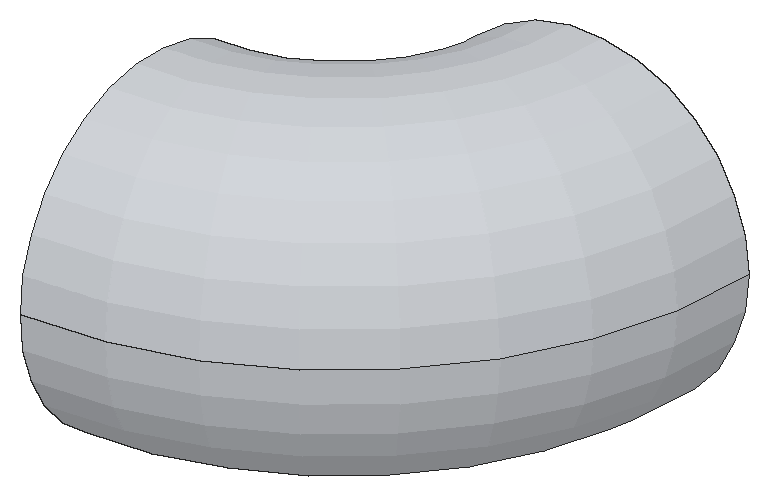
Revit family "M_엘보 - 용접 - 일반", category 배관 부속류, Revit 2023
Family settings
  원형 커넥터 치수 = 반지름 사용
  부품 유형 = 엘보
  OmniClass 번호 = 23.60.30.11.14
  OmniClass 제목 = Pipework Fittings
  작업 기준면 기반 = 아니오
  항상 수직 = 예
  로드될 때 보이드를 사용하여 절단 = 아니오
  공유 = 아니오
Parameters (values of type "표준")
  눈금 크기 [instance] = 장치 외부 지름 * 0.4  # 13.36 mm
  기본 높이 = 0 mm
  공칭 반지름 [instance] = 12.5 mm
  공칭 지름 [instance] = 공칭 반지름 * 2  # 25 mm
  손실 방법 = 정의 안 됨
  조회 테이블 이름 = "M_Elbow - Welded - Generic"
  K 계수 테이블 = "Regular Threaded 45, 90 and 180 Elbow"
  장치 외부 반지름 [instance] = 장치 외부 지름 / 2  # 16.7 mm
  장치 외부 지름 [instance] = size_lookup(조회 테이블 이름, "FOD", 공칭 지름 + 10.418 mm, 공칭 지름)  # 33.4 mm
  중심에서 끝 레이블 [instance] = if(중심에서 끝 > (장치 외부 반지름 + 3.2 mm) * tan(각도 / 2), 중심에서 끝, (장치 외부 반지름 + 3.2 mm) * tan(각도 / 2))  # 25 mm
  중심에서 끝 [instance] = size_lookup(조회 테이블 이름, "CtE", 1.02 * 공칭 지름 - 1.488 mm, 공칭 지름)  # 25 mm
  중심 반지름 [instance] = if(중심에서 끝 / tan(각도 / 2) > 장치 외부 반지름 + 3.2 mm, 중심에서 끝 / tan(각도 / 2), 장치 외부 반지름 + 3.2 mm)  # 25 mm
  각도 [instance] = 90.00°
Reference planes
  plane 1 "중심(앞/뒤)": y = 0
  plane 2: z = 0
  plane 3 "중심(왼쪽/오른쪽)": x = 0
  plane 4: x = -25
  plane 5: y = 25
  plane 6: y = 13.36
  plane 7: y = -13.36
Forms (mm)
  Sweep 1, solid, detail levels fine
    path in 3D
      loop
        arc (-25, 0, 0) -> (-7.322, 7.322, 0) -> (0, 25, 0) r 25
    profile origin (-7.322, 7.322, 0) x (-0.707107, 0.707107, 0) y (0, 0, 1)
      loop
        circle (0, 0) r 16.7
Lines and regions (mm)
  reference lines
    curve 1: line (-25, 25, 0) -> (19.45, 25, 0)
    curve 2: arc (-25, 0, 0) -> (-7.322, 7.322, 0) -> (0, 25, 0) r 25
    curve 3: line (0, 0, 0) -> (0, 19.05, 0)
    curve 4: line (-13.36, 18.22, 0) -> (-13.36, 22.144, 0)
    curve 5: line (13.36, 15.444, 0) -> (13.36, 35.228, 0)
  model lines, detail levels coarse+medium
    curve 6: line (-13.36, 25, 0) -> (13.36, 25, 0)
    curve 7: arc (-25, 0, 0) -> (-7.322, 7.322, 0) -> (0, 25, 0) r 25
    curve 8: line (-25, 13.36, 0) -> (-25, -13.36, 0)
  sketch lines
    curve 9: arc (-25, 0, 0) -> (-7.322, 7.322, 0) -> (0, 25, 0) r 25
Dimensions and locks
  "중심에서 끝 레이블": plane 4 to plane 3 "중심(왼쪽/오른쪽)"
  "중심 반지름": plane 5 to plane 1 "중심(앞/뒤)"
  "눈금 크기": plane 6 to plane 1 "중심(앞/뒤)"
  "눈금 크기": plane 7 to plane 1 "중심(앞/뒤)"
  "눈금 크기": curve 3 to curve 4
  "눈금 크기": curve 5 to curve 3
  "중심 반지름": radius of curve 2
  "장치 외부 반지름": radius of Sweep 1 sketch curve
  "각도": angle plane 4 to curve 1
  "각도": angle curve 2 to curve 2
  "각도": angle plane 1 "중심(앞/뒤)" to curve 3
  "각도": angle curve 7 to curve 7
  aligned and locked: plane 4 to curve 1
  aligned and locked: plane 5 to curve 1
  aligned and locked: plane 5 to curve 2
  aligned and locked: plane 4 to curve 2  (x2)
  aligned and locked: plane 1 "중심(앞/뒤)" to curve 3
  aligned and locked: plane 3 "중심(왼쪽/오른쪽)" to curve 3
  aligned and locked: curve 4 to curve 6
  aligned and locked: curve 5 to curve 6
  aligned and locked: curve 1 to curve 6
  aligned and locked: curve 7 to curve 2
  aligned and locked: plane 6 to curve 8
  aligned and locked: plane 7 to curve 8
  aligned and locked: curve 8 to plane 4
Automatic sketch dimensions
  curve 1 to curve 5 = 9.556 mm
  curve 1 to curve 4 = 6.78 mm
  curve 5 to curve 1 = 10.228 mm
  curve 3 to curve 4 = 3.094 mm
  Sweep 1 sketch curve to profile plane = 0 mm
  profile plane to Sweep 1 sketch curve = 0 mm
Connectors
  piping at (-25, 0, 0), diameter 25, driven by "공칭 반지름", driven by "각도"
    settings: on Sweep 1, index 1, connector inside diameter 25 mm, connector length 0 mm, flow factor 0, pipe flow 0.0 L/s, pressure drop 0.0 Pa, fitting loss kfactor 0, connector angle 90.00°, fixture units 0, engagement length 0 mm, angle of deflection 0.00°, flow configuration 0, flow direction 0, fitting loss method 0, system type 28, joint type 0, gender type 0, connector reference index 2, connector utility 0, adjustable connector no, is connector primary yes, connector description ""
  piping at (0, 25, 0), diameter 25, driven by "공칭 반지름", driven by "각도"
    settings: on Sweep 1, index 2, connector inside diameter 25 mm, connector length 0 mm, flow factor 0, pipe flow 0.0 L/s, pressure drop 0.0 Pa, fitting loss kfactor 0, connector angle 90.00°, fixture units 0, engagement length 0 mm, angle of deflection 0.00°, flow configuration 0, flow direction 0, fitting loss method 0, system type 28, joint type 0, gender type 0, connector reference index 1, connector utility 0, adjustable connector no, is connector primary no, connector description ""
